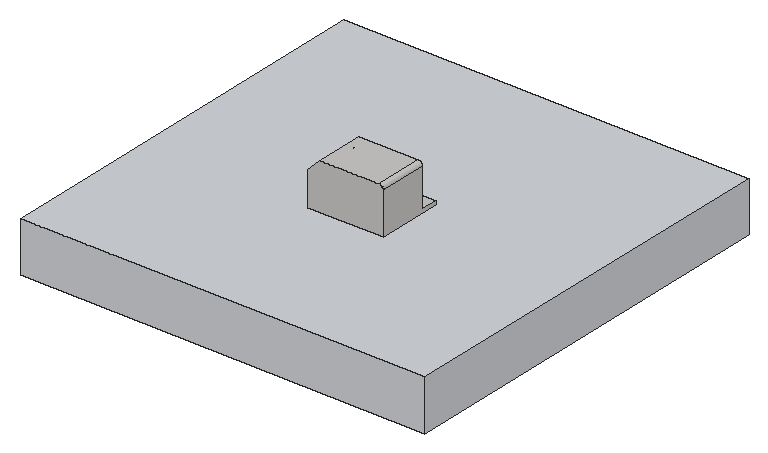
Revit family
Parameters (values of type "1656FA")
  Waste Connection = yes
  Voltage = 0
  Vent Connection = no
  VAC - AcornVac System = no
  URL = "http://www.acorneng.com"
  Type Comments = ""
  Tempered Water Connection = no
  TH - Single Towel Hook on Left or Right = no
  TH - Double Towel Hook on Left or Right = no
  TG - 12 Gage Cabinet = no
  TF - Transformer (for up to 12 solenoids) = no
  TB - Toothbrush Holder (Left or Right) = no
  SW - Wall Sleeve = no
  Revised Date = "02/11/12"
  Phone # = "626-336-4561"
  PBH - Hemispherical Pushbutton = no
  OF - Lavatory Overflow = no
  Model = "1656FA"
  Material = Type 304 Stainless Steel
  Manufacturer = "Acorn Engineering"
  MVC2-BAT - Time-Trol - Hot & Cold - Battery Operation = no
  MVC2 - Time-Trol - Hot & Cold = no
  MVC1-BAT - Time-Trol - Single Temp - Battery Operation = no
  MVC1 - Time-Trol - Single Temp = no
  MT - Metal Template (Only One Req'd per Project) = no
  MH - Metering, Hot Side only = no
  M - Metering = no
  LWE - Lavy Waste Extension (3" Standard) Specify Length Beyond Fixture = no
  LF - Lav-Filler = no
  IS - Integral Shelf = no
  HW Connection = yes
  FMT - Fixture Mounted Trim = no
  EVSP2 - Electronic Valve System w/ Piezo Pushbuttons = no
  EVSP1 - Electronic Valve System w/ Piezo Pushbutton = no
  EVS2 - Electronic Valve System - Hot & Cold = no
  EVS1 - Electronic Valve System - Single Temp = no
  EG - Enviro-Glaze, Specify Color = no
  Designed By = "ATS BIM Team"
  Description = "18\" Multi-Sided Lavatory - Front Access"
  Default Elevation = 32 1/2"
  CW Connection = yes
  CI - Cycle Interrupt for Time-Trol Valves = no
  BPH - Hemispherical Penal Bubbler = no
  BP - Bubbler, Penal = no
  BC - Bubbler, Code = no
  Assembly Code = ""
  Amperage = 0
  9 - Punched for Valve by Others (Specify Punching) = no
  4 - Air-Control, H&C, Non-Metering = no
  3 - Air-Control, Single Temp, Non-Metering = no
Reference planes (in)
  plane 1 "Center (Front/Back)": y = 0
  plane 2: z = 0
  plane 3 "Center (Left/Right)": x = 0
  plane 4: z = 11
  plane 5: x = 9
  plane 6: x = -9
  plane 7: y = -10.5
  plane 8: y = -4.75
  plane 9: y = 2
  plane 10: x = -1.5
  plane 11: y = 0.5
  plane 12: y = 4
  plane 13: z = 1
  plane 14: y = -11.5
  plane 15: y = -9.5
  plane 16: y = -6.5
  plane 17: x = 4.5
Forms (in)
  Extrusion 1, solid
    sketch origin (0, 0, 0) x (1, 0, 0) y (0, 1, 0)
      loop
        line (-48, 48) -> (-48, -48) -> (48, -48) -> (48, 48) -> (-48, 48)
    from 0 to -12
  Extrusion 2, solid, material "Type 304 Stainless Steel" <- "Material"
    sketch origin (0, 0, 0) x (1, 0, 0) y (0, 0, 1)
      loop
        line (8, 11) -> (-6, 11) -> (-9, 8) -> (-9, 0) -> (9, 0) -> (9, 10)
        arc (9, 10) -> (8.70711, 10.70711) -> (8, 11) r 1
    from 0 to 11.5
  Extrusion 3, solid, material "Type 304 Stainless Steel" <- "Material"
    sketch origin (0, 0, 0) x (1, 0, 0) y (0, 0, 1)
      loop
        line (9, 0) -> (9, 1) -> (-9, 1) -> (-9, 0) -> (9, 0)
    from 0 to -4
  Extrusion 4, solid, material "Type 304 Stainless Steel" <- "Material"
    sketch origin (-1.5, 0, 0) x (1, 0, 0) y (0, 1, 0)
      loop
        circle (0, -8.25) r 0.75
    from 0 to 0.01563
  Extrusion 5, void
    sketch origin (0, 0, 0) x (1, 0, 0) y (0, 0, 1)
      loop
        line (4.61421, 7.75369) -> (2.60724, 9.76066)
        arc (2.60724, 9.76066) -> (2.1206, 10.08582) -> (1.54658, 10.2) r 1.5
        line (1.54658, 10.2) -> (-4.54658, 10.2)
        arc (-4.54658, 10.2) -> (-5.1206, 10.08582) -> (-5.60724, 9.76066) r 1.5
        line (-5.60724, 9.76066) -> (-7.61421, 7.75369)
        arc (-7.61421, 7.75369) -> (-8.2, 6.33947) -> (-7.61421, 4.92526) r 2
        line (-7.61421, 4.92526) -> (-4.78588, 2.09693)
        arc (-4.78588, 2.09693) -> (-4.46146, 1.88015) -> (-4.07877, 1.80403) r 1
        line (-4.07877, 1.80403) -> (1.07877, 1.80403)
        arc (1.07877, 1.80403) -> (1.46146, 1.88015) -> (1.78588, 2.09693) r 1
        line (1.78588, 2.09693) -> (4.61421, 4.92526)
        arc (4.61421, 4.92526) -> (5.2, 6.33947) -> (4.61421, 7.75369) r 2
    from 0 to 6
  Extrusion 6, solid
    sketch origin (0, 3.5, -3) x (1, 0, 0) y (0, 1, 0)
      loop
        circle (-1.5, -8.25) r 0.75
    from 0 to 3
  Extrusion 7, solid
    sketch origin (0, 0, 0) x (1, 0, 0) y (0, 1, 0)
      loop
        circle (4.5, -9.5) r 0.42188
      loop
        circle (4.5, -6.5) r 0.42188
    from 0 to 0.01563
Cuts and joins
  Extrusion 5 cuts Extrusion 2
  joined: Extrusion 2, Extrusion 3, Extrusion 4
Dimensions and locks (in)
  plane 2 to plane 4 = 11"
  plane 5 to plane 6 = 18"
  plane 7 to plane 1 "Center (Front/Back)" = 10 1/2"
  plane 10 to plane 3 "Center (Left/Right)" = 1 1/2"
  plane 8 to plane 12 = 8 3/4"
  plane 14 to plane 15 = 2"
  plane 14 to plane 16 = 5"
  plane 3 "Center (Left/Right)" to plane 17 = 4 1/2"
  aligned and locked: plane 2 to Extrusion 1
  aligned and locked: level to Extrusion 1
Connectors (in)
  piping at (-1.5, -4.75, -3)
    settings: on Extrusion 6, index 1
  piping at (4.5, -6.5, 0)
    settings: on Extrusion 7, index 2
  piping at (4.5, -9.5, 0)
    settings: on Extrusion 7, index 3
